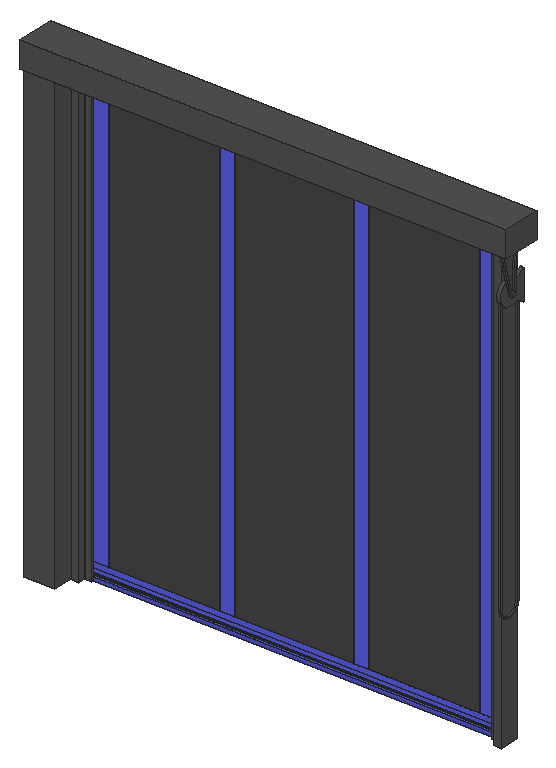
Revit family "Door_Bug_SuperSeal_8000XXL", category Doors, host Wall, Revit 2011
Parameters (values of type "ByType")
  Wind Load = ""
  Water Penetration = ""
  Sound Transmission Class (STC) = 0
  RO Offset = 0' - 0 1/2"
  Panel Material = Fabric - Vinyl - Super Seal - Screen - Black
  Panel Height = 6' - 0"
  Max Door Width = 16' - 0"
  Max Door Height = 18' - 0"
  Manufacturer Phone = "800-337-3239 "
  Function = Interior
  Frame Thickness = 0' - 5"
  Frame Finish = Metal - Steel - Super Seal - Painted - Black
  Building Code Conformance = ""
  Air Infiltration = ""
  Accent Material = Fabric - Vinyl - Super Seal - Blue
  ASTM Conformance = ""
  Panel Width = 2' - 0"
  Warranty Duration (Years) = 0
  URL = "http://www.supersealmfg.com/"
  Thickness = 0' - 0 1/4"
  Test Data = ""
  Specification = ""
  SpecWizard = ""
  Send Message = "http://www.arcat.com/users.pl?action=UserEmail&company=Super-Seal%20Mfg.%20Ltd&coid=44693&rep=119&fax=905-850-4440 &mf="
  Sales Information = "http://www.supersealmfg.com/ContactUs.htm"
  Rough Width = (Width + (RO Offset * 2))  # 9' - 1"
  Rough Height = (Height + (RO Offset))  # 9' - 3"
  R_Value = 0
  Product Properties = ""
  Product Data = "http://arcat.com/arcatcos/cos44/arc44693.html?isac=1&r=1"
  Manufacturer Website = "http://www.supersealmfg.com/"
  Manufacturer Phone - Toll Free = "800-337-3239 "
  Manufacturer Fax = "905-850-4440 "
  Manufacturer Address = "670 Rowntree Dairy Rd. Woodbridge , ON, Canada L4L-5T8"
  Maintenance Schedule (Months) = 0
  Installation-Fabrication = ""
  Installation Phase = ""
  Green Building-LEED = ""
  Model = "As Specified"
  Manufacturer = "Super-Seal Mfg. Ltd"
  Keynote = "08300"
  Height = 9' - 2 1/2"
  Wall Closure = By host
  Width = 9' - 0"
  Fire Rating = "As Specified"
  Expected Lifespan (Years) = 0
  Drawn By = "Sumex Design, Inc. / Robert S. Weygant, CSI, CDT, SCIP"
  Description = "Super Seal "
  Copyright = "©Arcat Inc."
  Construction Details = "http://arcat.com/details/supersea/supersea.html?coid=44693"
  Building Codes = ""
  Assembly Code = ""
  ADA Compliant = yes
  AAMA Designation = ""
Reference planes (in)
  plane 1 "Center (Front/Back)": y = -33.96225
  plane 2 "Center (Left/Right)": x = 64.28704
  plane 3: z = 0
  plane 4 "Right": x = 118.28704
  plane 5 "Left": x = 10.28704
  plane 6 "Closure": y = -35.96225
  plane 7: z = 0
  plane 8 "Top of Frame": z = 110.5
  plane 9 "RO Top": z = 111
  plane 10 "RO Right": x = 118.78704
  plane 11 "RO Left": x = 9.78704
  plane 12 "Frame Int": y = -40.96225
  plane 13: x = 142.28704
  plane 14: z = 48
Lines and regions (in)
  Opening 1
    outline origin (-109.33485, -35.96225, 0) x (1, 0, 0) y (0, 0, 1)
      loop
        line (119.12189, 0) -> (228.12189, 0) -> (228.12189, 111) -> (119.12189, 111) -> (119.12189, 0)
Text (in)
  text "Exterior" at (36.47868, -4.19089, 0), in view "A101 - Plan View"
  text "Interior" at (36.47868, -56.64559, 0), in view "A101 - Plan View"
  text "Exterior" at (0, -17.98638, 123.01588), in view "Right"
  text "Interior" at (0, -64.39139, 123.01588), in view "Right"
  text "Interior" at (0, -52.09468, 121.14095), in view "Left"
  text "Exterior" at (0, 26.35325, 123.00693), in view "Left"
Dimensions and locks (in)
  equal spacing: plane 4 "Right", plane 2 "Center (Left/Right)", plane 5 "Left"
  "Width": plane 5 "Left" to plane 4 "Right"
  "Height": level to plane 8 "Top of Frame"
  "RO Offset": plane 5 "Left" to plane 11 "RO Left"
  "RO Offset": plane 10 "RO Right" to plane 4 "Right"
  "RO Offset": plane 9 "RO Top" to plane 8 "Top of Frame"
  "Frame Thickness": plane 12 "Frame Int" to host wall
  locked: plane 14 to level at 48
  locked: plane 4 "Right" to plane 13 at 24
  aligned and locked: host wall to plane 1 "Center (Front/Back)"
  aligned and locked: host wall to plane 6 "Closure"
  aligned and locked: Opening 1 sketch curve to level
  aligned and locked: plane 10 "RO Right" to Opening 1 sketch curve
  aligned and locked: Opening 1 sketch curve to plane 9 "RO Top"
  aligned and locked: plane 11 "RO Left" to Opening 1 sketch curve
  aligned and locked: plane 2 "Center (Left/Right)" to nested 1
  aligned and locked: host wall to nested 1
  aligned and locked: plane 2 "Center (Left/Right)" to nested 2
  aligned and locked: host wall to nested 2
Nested families (in)
  nested 1: "Frame_8000XXL" at (64.28704, -35.96225, 0), Material <- "Frame Finish", Opening Width <- "Width", Opening Height <- "Height", type "Frame_8000XXL"
    with offset 0' - 0", Opening Width 9' - 0", Opening Height 9' - 2 1/2", Material Metal - Steel - Super Seal - Painted - Black, Manual Crank no
  nested 2: "Door_8000XXL" at (64.28704, -35.96225, 0), Opening Width <- "Width", Opening Height <- "Height", Material <- "Panel Material", Accent Material <- "Accent Material", type "Door_8000XXL"
    with offset 0' - 0", Opening Width 9' - 0", Opening Height 9' - 2 1/2", Material Fabric - Vinyl - Super Seal - Screen - Black, Accent Material Fabric - Vinyl - Super Seal - Blue
Definition of nested family "Frame_8000XXL"
  Parameters
    offset [instance] = 0' - 0"
    Warranty Duration (Years) = 0
    Unit Width = 2' - 8"
    Unit Height = 2' - 8"
    Unit Depth = 1' - 1 1/2"
    URL = "http://www.supersealmfg.com/"
    Specification = ""
    SpecWizard = ""
    Send Message = "http://www.arcat.com/users.pl?action=UserEmail&company=Super-Seal%20Mfg.%20Ltd&coid=44693&rep=119&fax=905-850-4440 &mf="
    Sales Information = "http://www.supersealmfg.com/ContactUs.htm"
    Revision = "R1_07-2011"
    Product Properties = ""
    Product Data = "http://arcat.com/arcatcos/cos44/arc44693.html?isac=1&r=1"
    Opening Width [instance] = 6' - 0"
    Opening Height [instance] = 8' - 0"
    Model = "As Specified"
    Material [instance] = none
    Manufacturer Website = "http://www.supersealmfg.com/"
    Manufacturer Phone - Toll Free = "800-337-3239 "
    Manufacturer Phone = "800-337-3239 "
    Manufacturer Fax = "905-850-4440 "
    Manufacturer Address = "670 Rowntree Dairy Rd. Woodbridge , ON, Canada L4L-5T8"
    Manufacturer = "Super-Seal Mfg. Ltd"
    Manual Crank [instance] = no
    Maintenance Schedule (Months) = 0
    Keynote = ""
    Installation-Fabrication = ""
    Installation Phase = ""
    Green Building-LEED = ""
    Expected Lifespan (Years) = 0
    Drawn By = "Sumex Design, Inc. / Robert S. Weygant, CSI, CDT, SCIP"
    Description = "Super Seal"
    Copyright = "©Arcat Inc."
    Construction Details = "http://arcat.com/details/supersea/supersea.html?coid=44693"
    Assembly Code = ""
  Reference planes (in)
    plane 1 "Center (Front/Back)": y = 0
    plane 2 "Bottom": z = 0
    plane 3 "Center (Left/Right)": x = 0
    plane 4 "Left": x = -36
    plane 5 "Right": x = 36
    plane 6 "Top": z = 96
    plane 7: x = -49.5
    plane 8: y = -10.5
    plane 9: x = 45.5
    plane 10: z = 115
    plane 11: x = 40.125
    plane 12: x = -40.125
  Forms (in)
    Extrusion 1, solid, material <- "Material"
      sketch origin (0, 0, 0) x (1, 0, 0) y (0, 1, 0)
        loop
          line (-38, 0) -> (-40.125, 0) -> (-40.125, -5.125) -> (-38, -5.125) -> (-38, -3.125) -> (-36, -3.125) -> (-36, -2.875) -> (-38, -2.875) -> (-38, -1.625) -> (-36, -1.625) -> (-36, -1.375) -> (-38, -1.375) -> (-38, 0)
        loop
          line (38, 0) -> (38, -1.375) -> (36, -1.375) -> (36, -1.625) -> (38, -1.625) -> (38, -2.875) -> (36, -2.875) -> (36, -3.125) -> (38, -3.125) -> (38, -5.125) -> (40.125, -5.125) -> (40.125, 0) -> (38, 0)
      from 0 to 108
    Extrusion 2, solid, material <- "Material"
      sketch origin (0, 0, 0) x (1, 0, 0) y (0, 1, 0)
        loop
          line (-49.5, 0) -> (-49.5, -0.25) -> (-48.5, -0.25) -> (-48.5, -10.5) -> (-40.125, -10.5) -> (-40.125, 0) -> (-49.5, 0)
      from 0 to 108
    Extrusion 3, solid, material <- "Material"
      sketch origin (-49.5, 7.21723, 46.75) x (0, 1, 0) y (0, 0, 1)
        loop
          line (-7.21723, 68.25) -> (-17.71723, 68.25) -> (-17.71723, 61.25) -> (-7.21723, 61.25) -> (-7.21723, 68.25)
      from 0 to 95
    Extrusion 4, solid, material <- "Material"
      sketch origin (40.125, -10.5, 48) x (0, -1, 0) y (0, 0, 1)
        loop
          line (-10.5, 52.11362) -> (-10.5, 43.88638) -> (-7.83516, 45.42492)
          arc (-7.83516, 45.42492) -> (-2.56937, 48) -> (-7.83516, 50.57508) r 3.26253
          line (-7.83516, 50.57508) -> (-10.5, 52.11362)
      from -1 to -2
    Extrusion 5, solid, material <- "Material"
      sketch origin (40.125, -10.5, 48) x (0, -1, 0) y (0, 0, 1)
        loop
          arc (-6.33176, 47.98825) -> (-5.89283, 47.50373) -> (-5.34973, 47.86767) r 0.5
          line (-5.34973, 47.86767) -> (-1.29098, 62.65666)
          arc (-1.29098, 62.65666) -> (-3.60778, 66.11397) -> (-6.69216, 63.31984) r 2.75
          line (-6.69216, 63.31984) -> (-6.33176, 47.98825)
        loop
          arc (-6.58169, 47.98237) -> (-5.9233, 47.25559) -> (-5.10864, 47.80151) r 0.75
          line (-5.10864, 47.80151) -> (-1.04989, 62.59049)
          arc (-1.04989, 62.59049) -> (-3.57731, 66.3621) -> (-6.94209, 63.31396) r 3
          line (-6.94209, 63.31396) -> (-6.58169, 47.98237)
      from -2.25 to -2.75
    Extrusion 6, solid, material <- "Material"
      sketch origin (40.125, -10.5, 48) x (0, -1, 0) y (0, 0, 1)
        loop
          circle (-5.8319, 48) r 0.5
      from -2 to -3
    Extrusion 7, solid, material <- "Material"
      sketch origin (40.125, -10.5, 48) x (0, -1, 0) y (0, 0, 1)
        loop
          arc (-2.8319, 48) -> (-5.8319, 51) -> (-8.8319, 48) r 3
          line (-8.8319, 48) -> (-8.8319, -13)
          arc (-8.8319, -13) -> (-5.8319, -16) -> (-2.8319, -13) r 3
          line (-2.8319, -13) -> (-2.8319, 48)
        loop
          arc (-8.5819, -13) -> (-5.8319, -15.75) -> (-3.0819, -13) r 2.75
          line (-3.0819, -13) -> (-3.0819, 48)
          arc (-3.0819, 48) -> (-5.8319, 50.75) -> (-8.5819, 48) r 2.75
          line (-8.5819, 48) -> (-8.5819, -13)
      from -1.25 to -1.75
  Dimensions and locks (in)
    equal spacing: plane 4 "Left", plane 3 "Center (Left/Right)", plane 5 "Right"
    "Opening Width": plane 4 "Left" to plane 5 "Right"
    "Opening Height": plane 6 "Top" to level
    plane 7 to plane 4 "Left" = 1' - 1 1/2"
    locked: plane 8 to plane 1 "Center (Front/Back)" at 10.5
    locked: plane 5 "Right" to plane 9 at 9.5
    plane 10 to plane 6 "Top" = 1' - 7"
    locked: plane 10 to Extrusion 1 at 7
    locked: plane 5 "Right" to plane 11 at 4.125
    locked: plane 12 to plane 4 "Left" at 4.125
    locked: plane 10 to Extrusion 2 at 7
    aligned and locked: plane 9 to Extrusion 3
  Automatic sketch dimensions
    Extrusion 3 sketch curve to plane 8 = 0' - 0"
    Extrusion 3 sketch curve to plane 1 "Center (Front/Back)" = 0' - 0"
    Extrusion 3 sketch curve to plane 10 = 0' - 0"
    Extrusion 3 sketch curve to Extrusion 3 sketch curve = 0' - 7"
    Extrusion 2 sketch curve to plane 7 = 0' - 0"
    Extrusion 2 sketch curve to plane 1 "Center (Front/Back)" = 0' - 0"
    Extrusion 2 sketch curve to plane 8 = 0' - 0"
    Extrusion 2 sketch curve to plane 12 = 0' - 0"
    plane 7 to Extrusion 2 sketch curve = 0' - 1"
    Extrusion 2 sketch curve to Extrusion 2 sketch curve = 0' - 0 1/4"
    Extrusion 4 sketch curve to plane 1 "Center (Front/Back)" = 0' - 0"
    Extrusion 4 sketch curve to plane 6 "Top" = 0' - 0"
    plane 1 "Center (Front/Back)" to Extrusion 4 sketch curve = 0' - 2.66484"  (x2)
    Extrusion 4 sketch curve to Extrusion 4 sketch curve = 0' - 2.00326"
    Extrusion 4 sketch curve to plane 6 "Top" = 0' - 2.57508"
    Extrusion 4 sketch curve to Extrusion 4 sketch curve = 0' - 1.53855"  (x2)
    Extrusion 5 sketch curve to Extrusion 5 sketch curve = 0' - 0"  (x4)
    Extrusion 5 sketch curve to plane 6 "Top" = 0' - 0"
    plane 1 "Center (Front/Back)" to Extrusion 5 sketch curve = 0' - 3.55791"
    Extrusion 5 sketch curve to Extrusion 5 sketch curve = 0' - 0.24993"  (x2)
    Extrusion 5 sketch curve to plane 6 "Top" = 0' - 0.01763"
    plane 1 "Center (Front/Back)" to Extrusion 5 sketch curve = 0' - 3.91831"
    Extrusion 5 sketch curve to plane 6 "Top" = 0' - 0.01175"  (x2)
    Extrusion 5 sketch curve to Extrusion 5 sketch curve = 0' - 0.49986"
    Extrusion 5 sketch curve to plane 6 "Top" = 0' - 0.13233"
    Extrusion 5 sketch curve to plane 6 "Top" = 0' - 0.19849"
    Extrusion 5 sketch curve to Extrusion 5 sketch curve = 0' - 2.74924"
    plane 8 to Extrusion 5 sketch curve = 0' - 1.29098"
    Extrusion 5 sketch curve to Extrusion 5 sketch curve = 0' - 0.24109"
    Extrusion 5 sketch curve to plane 10 = 0' - 4.40951"
    Extrusion 5 sketch curve to Extrusion 5 sketch curve = 0' - 0.06616"
    Extrusion 5 sketch curve to plane 10 = 0' - 3.68604"
    Extrusion 6 sketch curve to plane 6 "Top" = 0' - 0"
    plane 1 "Center (Front/Back)" to Extrusion 6 sketch curve = 0' - 4.6681"
    Extrusion 7 sketch curve to Extrusion 7 sketch curve = 0' - 0"  (x5)
    Extrusion 7 sketch curve to plane 6 "Top" = 0' - 0"
    plane 1 "Center (Front/Back)" to Extrusion 7 sketch curve = 0' - 1.6681"
    Extrusion 7 sketch curve to Extrusion 7 sketch curve = 0' - 0 1/4"
    Extrusion 7 sketch curve to Extrusion 7 sketch curve = 0' - 2 3/4"
    level to Extrusion 7 sketch curve = 2' - 11"
    Extrusion 1 sketch curve to plane 1 "Center (Front/Back)" = 0' - 0"  (x2)
    Extrusion 1 sketch curve to plane 12 = 0' - 0"
    Extrusion 1 sketch curve to plane 4 "Left" = 0' - 0"  (x2)
    Extrusion 1 sketch curve to plane 5 "Right" = 0' - 0"  (x2)
    Extrusion 1 sketch curve to plane 11 = 0' - 0"
    plane 12 to Extrusion 1 sketch curve = 0' - 2 1/8"  (x2)
    Extrusion 1 sketch curve to Extrusion 1 sketch curve = 0' - 0"  (x3)
    plane 11 to Extrusion 1 sketch curve = 0' - 2 1/8"
    plane 1 "Center (Front/Back)" to Extrusion 1 sketch curve = 0' - 1 3/8"
    Extrusion 1 sketch curve to Extrusion 1 sketch curve = 0' - 1 3/8"
    Extrusion 1 sketch curve to Extrusion 1 sketch curve = 0' - 0 1/4"  (x4)
    Extrusion 1 sketch curve to Extrusion 1 sketch curve = 0' - 1 1/4"  (x2)
    Extrusion 1 sketch curve to Extrusion 1 sketch curve = 0' - 2"  (x2)
    radius of Extrusion 6 sketch curve = 0' - 0 1/2"
Definition of nested family "Door_8000XXL"
  Parameters
    offset [instance] = 0' - 0"
    Warranty Duration (Years) = 0
    Unit Width = 2' - 8"
    Unit Height = 2' - 8"
    Unit Depth = 1' - 1 1/2"
    URL = "http://www.supersealmfg.com/"
    Specification = ""
    SpecWizard = ""
    Send Message = "http://www.arcat.com/users.pl?action=UserEmail&company=Super-Seal%20Mfg.%20Ltd&coid=44693&rep=119&fax=905-850-4440 &mf="
    Sales Information = "http://www.supersealmfg.com/ContactUs.htm"
    Revision = "R1_07-2011"
    Product Properties = ""
    Product Data = "http://arcat.com/arcatcos/cos44/arc44693.html?isac=1&r=1"
    Opening Width [instance] = 6' - 0"
    Opening Height [instance] = 8' - 0"
    Model = "As Specified"
    Material [instance] = none
    Manufacturer Website = "http://www.supersealmfg.com/"
    Manufacturer Phone - Toll Free = "800-337-3239 "
    Manufacturer Phone = "800-337-3239 "
    Manufacturer Fax = "905-850-4440 "
    Manufacturer Address = "670 Rowntree Dairy Rd. Woodbridge , ON, Canada L4L-5T8"
    Manufacturer = "Super-Seal Mfg. Ltd"
    Maintenance Schedule (Months) = 0
    Keynote = ""
    Installation-Fabrication = ""
    Installation Phase = ""
    Green Building-LEED = ""
    Expected Lifespan (Years) = 0
    Drawn By = "Sumex Design, Inc. / Robert S. Weygant, CSI, CDT, SCIP"
    Description = "Super Seal"
    Copyright = "©Arcat Inc."
    Construction Details = "http://arcat.com/details/supersea/supersea.html?coid=44693"
    Assembly Code = ""
    Accent Material [instance] = none
  Reference planes (in)
    plane 1 "Center (Front/Back)": y = 0
    plane 2 "Bottom": z = 0
    plane 3 "Center (Left/Right)": x = 0
    plane 4 "Left": x = -36
    plane 5 "Right": x = 36
    plane 6 "Top": z = 96
    plane 7: z = 109
    plane 8: y = -2.25
    plane 9: z = 103.25
    plane 10: x = -38
    plane 11: x = 38
    plane 12: z = 4.5
    plane 13: x = -12
    plane 14: x = 12
  Forms (in)
    Extrusion 1, solid, material <- "Material"
      sketch origin (-36, -2.25, 48) x (-1, 0, 0) y (0, 0, 1)
        loop
          line (-4, 55.25) -> (-22, 55.25) -> (-22, -43.5) -> (-4, -43.5) -> (-4, 55.25)
        loop
          line (-26, -43.5) -> (-26, 55.25) -> (-46, 55.25) -> (-46, -43.5) -> (-26, -43.5)
        loop
          line (-50, 55.25) -> (-68, 55.25) -> (-68, -43.5) -> (-50, -43.5) -> (-50, 55.25)
      from 0 to -0.125
    Extrusion 2, solid, material <- "Accent Material"
      sketch origin (-36, -2.25, 48) x (-1, 0, 0) y (0, 0, 1)
        loop
          line (2, -43.5) -> (-74, -43.5) -> (-74, -45) -> (2, -45) -> (2, -43.5)
      from 0 to -0.125
    Extrusion 3, solid, material <- "Accent Material"
      sketch origin (-38, 5.27547, 48) x (0, 1, 0) y (0, 0, 1)
        loop
          arc (-7.38611, -48) -> (-7.20894, -47.45957) -> (-7.17076, -46.89212) r 2.2843
          arc (-7.17076, -46.89212) -> (-7.22119, -46.65791) -> (-7.34043, -46.45011) r 0.77874
          arc (-7.34043, -46.45011) -> (-7.40856, -46.30946) -> (-7.40895, -46.15318) r 0.35132
          line (-7.40895, -46.15318) -> (-7.15895, -46.15318) -> (-7.15895, -45.97807) -> (-7.42034, -45.97807) -> (-7.42034, -45) -> (-7.75561, -45) -> (-7.75561, -45.97807) -> (-8.017, -45.97807) -> (-8.017, -46.15318) -> (-7.767, -46.15318)
          arc (-7.767, -46.15318) -> (-7.76739, -46.30946) -> (-7.83552, -46.45011) r 0.35132
          arc (-7.83552, -46.45011) -> (-7.95476, -46.65791) -> (-8.00519, -46.89212) r 0.77874
          arc (-8.00519, -46.89212) -> (-7.96701, -47.45957) -> (-7.78984, -48) r 2.2843
          line (-7.78984, -48) -> (-7.38611, -48)
      from 0 to 76
    Extrusion 4, solid, material <- "Accent Material"
      sketch origin (-36, -2.25, 48) x (-1, 0, 0) y (0, 0, 1)
        loop
          line (2, 55.25) -> (-4, 55.25) -> (-4, -43.5) -> (2, -43.5) -> (2, 55.25)
        loop
          line (-74, 55.25) -> (-74, -43.5) -> (-68, -43.5) -> (-68, 55.25) -> (-74, 55.25)
        loop
          line (-50, 55.25) -> (-50, -43.5) -> (-46, -43.5) -> (-46, 55.25) -> (-50, 55.25)
        loop
          line (-26, 55.25) -> (-26, -43.5) -> (-22, -43.5) -> (-22, 55.25) -> (-26, 55.25)
      from 0 to -0.125
  Dimensions and locks (in)
    equal spacing: plane 4 "Left", plane 3 "Center (Left/Right)", plane 5 "Right"
    "Opening Width": plane 4 "Left" to plane 5 "Right"
    "Opening Height": plane 6 "Top" to level
    locked: plane 7 to plane 6 "Top" at 13
    locked: plane 1 "Center (Front/Back)" to plane 8 at 2.25
    locked: plane 7 to plane 9 at 5.75
    locked: plane 5 "Right" to plane 11 at 2
    locked: plane 10 to plane 4 "Left" at 2
    locked: plane 12 to level at 4.5
    equal spacing: plane 5 "Right", plane 14, plane 13, plane 4 "Left"
    aligned and locked: plane 11 to Extrusion 3
    aligned and locked: Extrusion 2 to Extrusion 1
  Automatic sketch dimensions
    Extrusion 2 sketch curve to plane 11 = 0' - 0"
    Extrusion 2 sketch curve to plane 10 = 0' - 0"
    level to Extrusion 2 sketch curve = 0' - 4 1/2"
    Extrusion 2 sketch curve to Extrusion 2 sketch curve = 0' - 1 1/2"
    Extrusion 3 sketch curve to level = 0' - 0"
    Extrusion 3 sketch curve to plane 8 = 0' - 1 237/256"
    plane 1 "Center (Front/Back)" to Extrusion 3 sketch curve = 0' - 2.83424"
    Extrusion 3 sketch curve to Extrusion 3 sketch curve = 0' - 0.09272"
    Extrusion 3 sketch curve to Extrusion 3 sketch curve = 0' - 0.10453"
    Extrusion 3 sketch curve to Extrusion 3 sketch curve = 0' - 0"  (x4)
    Extrusion 3 sketch curve to Extrusion 3 sketch curve = 0' - 0.05697"  (x2)
    Extrusion 3 sketch curve to Extrusion 3 sketch curve = 0' - 0.18148"
    plane 1 "Center (Front/Back)" to Extrusion 3 sketch curve = 0' - 2.51436"
    Extrusion 3 sketch curve to Extrusion 3 sketch curve = 0' - 0 1/4"
    Extrusion 3 sketch curve to Extrusion 3 sketch curve = 0' - 0.01139"  (x2)
    Extrusion 3 sketch curve to Extrusion 3 sketch curve = 0' - 0.33526"
    plane 1 "Center (Front/Back)" to Extrusion 3 sketch curve = 0' - 2.11064"
    Extrusion 3 sketch curve to Extrusion 3 sketch curve = 0' - 0.06852"
    plane 1 "Center (Front/Back)" to Extrusion 3 sketch curve = 0' - 1.95226"
    plane 1 "Center (Front/Back)" to Extrusion 3 sketch curve = 0' - 1.88348"
    plane 1 "Center (Front/Back)" to Extrusion 3 sketch curve = 0' - 1.79076"
    plane 1 "Center (Front/Back)" to Extrusion 3 sketch curve = 0' - 0 115/256"
    level to Extrusion 3 sketch curve = 0' - 0.97629"  (x2)
    Extrusion 3 sketch curve to Extrusion 3 sketch curve = 0' - 0.17511"  (x2)
    Extrusion 3 sketch curve to Extrusion 3 sketch curve = 0' - 0.97807"
    Extrusion 4 sketch curve to plane 11 = 0' - 0"
    Extrusion 4 sketch curve to plane 9 = 0' - 0"  (x4)
    Extrusion 4 sketch curve to plane 12 = 0' - 0"  (x4)
    Extrusion 4 sketch curve to plane 10 = 0' - 0"
    Extrusion 4 sketch curve to plane 5 "Right" = 0' - 4"
    plane 14 to Extrusion 4 sketch curve = 0' - 2"
    Extrusion 4 sketch curve to plane 14 = 0' - 2"
    plane 13 to Extrusion 4 sketch curve = 0' - 2"
    Extrusion 4 sketch curve to plane 13 = 0' - 2"
    plane 4 "Left" to Extrusion 4 sketch curve = 0' - 4"
    Extrusion 1 sketch curve to plane 9 = 0' - 0"  (x3)
    Extrusion 1 sketch curve to plane 12 = 0' - 0"  (x3)
    Extrusion 1 sketch curve to plane 5 "Right" = 0' - 4"
    plane 14 to Extrusion 1 sketch curve = 0' - 2"
    Extrusion 1 sketch curve to plane 14 = 0' - 2"
    plane 13 to Extrusion 1 sketch curve = 0' - 2"
    Extrusion 1 sketch curve to plane 13 = 0' - 2"
    plane 4 "Left" to Extrusion 1 sketch curve = 0' - 4"
